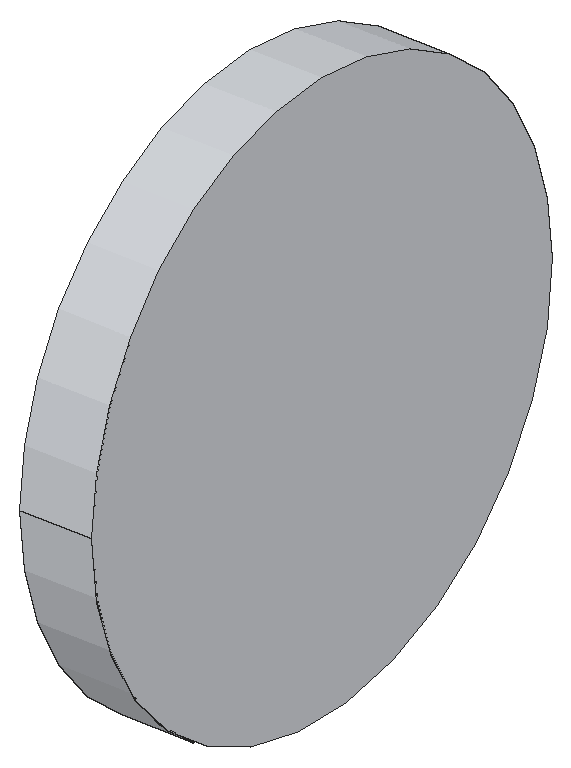
Revit family "ee52d5e16e764ef4aee9eacfa3d9a91e", category Pipe Fittings, Revit 2021
Family settings
  Round Connector Dimension = Use Radius
  Part Type = Cap
  OmniClass Number = 23.60.30.11.14
  OmniClass Title = Pipework Fittings
  Seek Item ID = Flange - Threaded - GI - Class 250-0000-USA-ENU
  Work Plane-Based = No
  Always vertical = Yes
  Cut with Voids When Loaded = No
  Shared = No
Parameters (values of type "Standard")
  Tick Size [instance] = Flange Diameter * 0.4  # 3.6000"
  Nominal Radius [instance] = 2.0000"
  Nominal Diameter [instance] = Nominal Radius * 2  # 4.0000"
  Loss Method = Not Defined
  Lookup Table Name = "Flange - Blind - Stainless Steel - Class 275"
  Flange Thickness [instance] = size_lookup(Lookup Table Name, "FThk", 0.07 * Nominal Diameter + 0.8600", Nominal Diameter)  # 1.1250"
  Flange Radius [instance] = Flange Diameter / 2  # 4.5000"
  Flange Diameter [instance] = size_lookup(Lookup Table Name, "FDia", 1.15 * Nominal Diameter + 4.4800", Nominal Diameter)  # 9.0000"
  Default Elevation = 0.0000"
Reference planes (in)
  plane 1 "Center (Front/Back)": y = 0
  plane 2: z = 0
  plane 3 "Center (Left/Right)": x = 0
  plane 4: y = 3.6
  plane 5: y = -3.6
  plane 6: x = 1.125
Forms (in)
  Extrusion 1, solid, detail levels fine
    sketch origin (0, 0, 0) x (0, 1, 0) y (0, 0, 1)
      loop
        circle (0, 0) r 4.5
    from 0 to 1.125
Lines and regions (in)
  model lines, detail levels coarse+medium
    curve 1: line (0, 3.6, 0) -> (0, -3.6, 0)
Dimensions and locks (in)
  equal spacing: plane 4, plane 1 "Center (Front/Back)", plane 5
  "Tick Size": plane 4 to plane 1 "Center (Front/Back)"
  "Flange Thickness": plane 3 "Center (Left/Right)" to plane 6
  "Flange Radius": radius of Extrusion 1 sketch curve
  aligned and locked: plane 4 to curve 1
  aligned and locked: plane 5 to curve 1
  aligned and locked: plane 6 to Extrusion 1
  aligned and locked: Extrusion 1 to plane 3 "Center (Left/Right)"
  aligned and locked: curve 1 to plane 3 "Center (Left/Right)"
Automatic sketch dimensions
  Extrusion 1 sketch curve to level = 0.0000"
  Extrusion 1 sketch curve to plane 1 "Center (Front/Back)" = 0.0000"
Connectors (in)
  piping at (0, 0, 0), diameter 4, driven by "Nominal Radius"
    settings: on Extrusion 1, index 1, connector inside diameter 4.0000", connector length 0.0000", flow factor 0, pipe flow 0 GPM, pressure drop 0.00 psi, fitting loss kfactor 0, connector angle 0.00°, fixture units 0, engagement length 0.0000", angle of deflection 0.00°, flow configuration 0, flow direction 0, fitting loss method 0, system type 28, joint type 0, gender type 0, connector reference index -1, connector utility 0, adjustable connector no, is connector primary yes, connector description ""
